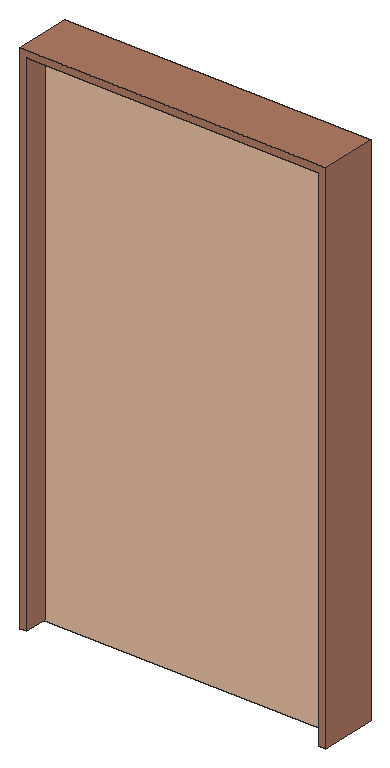
Revit family "RevolvingDoor", category Doors, host Wall, Revit 2021
Family settings
  Host = Wall
  OmniClass Number = 23.30.10.00
  OmniClass Title = Doors
  Always vertical = Yes
  Cut with Voids When Loaded = No
  Shared = No
  Room Calculation Point = No
Parameters (values of type "1310 x 2230mm")
  thick = 25.00 mm
  panel thickness = 50.00 mm
  frame = 30.00 mm
  elevation over level = 20.00 mm
  Width = 1250.00 mm
  Visual Light Transmittance = 0
  Thickness = 51.00 mm
  Thermal Resistance (R) = 0.270117 (m²·K)/W
  Solar Heat Gain Coefficient = 0
  Small width = Width - Large width  # 250.00 mm
  Rough Width = 1310.00 mm
  Rough Height = 2230.00 mm
  Lintel Sitting Distance = 250.00 mm
  Lintel Thickness = 200.00 mm
  Large width = 1000.00 mm
  Door Width [instance] = 1310.00 mm
  Door Height [instance] = 2230.00 mm
  Define Thermal Properties by = Schematic Type
  Construction Type Id = "MDOOR"
  Heat Transfer Coefficient (U) = 3.7021 W/(m²·K)
  Function = Interior
  Door Material = Door - Panel
  Frame Material = Door - Frame
  Height = 2100.00 mm
  Trim Projection Ext = 25.00 mm
  Trim Projection Int = 25.00 mm
  Trim Width = 76.00 mm
  Wall Closure = By host
  Analytic Construction = "Metal"
Types (8, lengths in mm): name | elevation over level | Width | Small width | Rough Width | Lintel Sitting Distance | Lintel Thickness | Large width | Height
  1372 x 2032mm | 20.00 | 1600.00 | 400.00 | 1660.00 | 250.00 | 200.00 | 1200.00 | 2100.00
  1310 x 2230mm | 20.00 | 1250.00 | 250.00 | 1310.00 | 250.00 | 200.00 | 1000.00 | 2100.00
  1220 x 2032mm | 101.563 | 1220.00 | 204.00 | 1310.00 | 306.00 | 220.00 | 1016.00 | 2032.00
  1118 x 2032mm | 101.563 | 1118.00 | 102.00 | 1310.00 | 306.00 | 220.00 | 1016.00 | 2032.00
  1270 x 2134mm | 101.563 | 1270.00 | 254.00 | 1310.00 | 306.00 | 220.00 | 1016.00 | 2134.00
  D2 - 2400 X 1600 mm | 20.00 | 1600.00 | 570.00 | 1310.00 | 306.00 | 220.00 | 1030.00 | 2400.00
  1372 x 2032mm 2 | 20.00 | 1660.00 | 660.00 | 1310.00 | 250.00 | 200.00 | 1000.00 | 2800.00
  D1 - 2100 X 1400 mm | 20.00 | 1400.00 | 370.00 | 1310.00 | 306.00 | 220.00 | 1030.00 | 2100.00
Reference planes
  plane 1: y = 0
  plane 2: z = 0
  plane 3 "Center": x = -254
  plane 4 "Left": x = -1284
  plane 5 "Right": x = 26
  plane 6 "Top": z = 2230
  plane 7: y = 25
  plane 8: y = -25
  plane 9: x = -229
  plane 10: x = -279
  plane 11: x = -4
  plane 12: x = -1254
  plane 13: z = 2200
  plane 14: y = 120
  plane 15: y = -120
Forms (mm)
  Sweep 1, solid, material "Door - Frame"
    path origin (-1524, 120, 0) x (-1, 0, 0) y (0, 0, 1)
      loop
        line (-1550, 0) -> (-1550, 2230) -> (-240, 2230) -> (-240, 0)
    profile origin (-1284, 120, 1115) x (0, 1, 0) y (-1, 0, 0)
      loop
        line (0, 0) -> (-240, 0) -> (-240, -30) -> (0, -30) -> (0, 0)
  Extrusion 2, solid, material "Door - Panel"
    sketch origin (0, 0, -74) x (1, 0, 0) y (0, 1, 0)
      loop
        line (-1254, 25) -> (-1254, -25) -> (-4, -25) -> (-4, 25) -> (-1254, 25)
    from 74 to 2274
Lines and regions (mm)
  Opening 1
    outline origin (-2286, -120, 0) x (1, 0, 0) y (0, 0, 1)
      loop
        line (1002, 0) -> (2312, 0) -> (2312, 2230) -> (1002, 2230) -> (1002, 0)
  symbolic lines, style "DoorsPanelProjection"
    curve 1: line (-279, 250, 0) -> (-279, -1000, 0)
    curve 2: line (-229, -1000, 0) -> (-229, 250, 0)
    curve 3: line (-279, -1000, 0) -> (-229, -1000, 0)
    curve 4: line (-279, 250, 0) -> (-229, 250, 0)
  model lines, style "hid"
    curve 5: arc (-1254, -25, 0) -> (-968.429, -714.429, 0) -> (-279, -1000, 0) r 975
    curve 6: arc (-229, 250, 0) -> (-69.901, 184.099, 0) -> (-4, 25, 0) r 225
Text (mm)
  text "Exterior" at (-1852.85, 748.929, 0), in view "Floor Line"
  text "Interior" at (-1852.85, -701.767, 0), in view "Floor Line"
  text "Exterior" at (0, 1019.848, 3124.603), in view "Right"
  text "Interior" at (0, -1635.541, 3124.603), in view "Right"
  text "Interior" at (0, -762.224, 2974.944), in view "Left"
  text "Exterior" at (0, 1135.773, 2974.944), in view "Left"
Dimensions and locks
  plane 4 "Left" to plane 3 "Center" to plane 5 "Right" = 1030.00 mm, 280.00 mm
  level to plane 2 = 0.00 mm
  "Door Height": level to plane 6 "Top"
  Sweep 1 to Extrusion 2 = 0.00 mm
  plane 6 "Top" to level = 2230.00 mm
  "thick": host wall to plane 7
  "thick": plane 8 to host wall
  "Small width": host wall to curve 4
  "Large width": curve 3 to host wall
  "frame": plane 11 to plane 5 "Right"
  "frame": plane 4 "Left" to plane 12
  "thick": plane 3 "Center" to plane 9
  "thick": plane 10 to plane 3 "Center"
  "Small width": plane 3 "Center" to plane 11
  "Large width": plane 12 to plane 3 "Center"
  "Door Width": plane 4 "Left" to plane 5 "Right"
  "frame": plane 13 to plane 6 "Top"
  plane 12 to plane 11 = 1250.00 mm
  level to plane 13 = 2200.00 mm
  aligned and locked: plane 4 "Left" to Opening 1 sketch curve
  aligned and locked: plane 6 "Top" to Opening 1 sketch curve  (x2)
  aligned and locked: Opening 1 sketch curve to plane 5 "Right"
  aligned and locked: Opening 1 sketch curve to level
  aligned and locked: level to plane 2
  aligned and locked: plane 4 "Left" to Sweep 1
  aligned and locked: Sweep 1 to plane 5 "Right"
  aligned and locked: curve 2 to plane 9
  aligned and locked: curve 1 to plane 10
  aligned and locked: plane 12 to Sweep 1 sketch curve
  aligned and locked: plane 13 to Extrusion 2
  aligned and locked: Extrusion 2 to plane 2
  aligned and locked: curve 5 to Extrusion 2
  aligned and locked: curve 1 to curve 5
  aligned and locked: curve 2 to curve 6
  aligned and locked: curve 6 to Extrusion 2
  aligned and locked: plane 15 to host wall
  aligned and locked: plane 14 to host wall
  aligned and locked: Sweep 1 sketch curve to plane 15
  aligned and locked: Sweep 1 sketch curve to plane 14
Automatic sketch dimensions
  Sweep 1 sketch curve to level = 0.00 mm  (x2)
  plane 5 "Right" to Sweep 1 sketch curve = 0.00 mm
  plane 4 "Left" to Sweep 1 sketch curve = 0.00 mm
  Sweep 1 sketch curve to plane 6 "Top" = 0.00 mm
  Sweep 1 sketch curve to profile plane = 0.00 mm
  Extrusion 2 sketch curve to host wall = 25.00 mm
  Extrusion 2 sketch curve to plane 4 "Left" = 30.00 mm
  plane 5 "Right" to Extrusion 2 sketch curve = 30.00 mm
  host wall to Extrusion 2 sketch curve = 25.00 mm
  curve 5 to plane 12 = 0.00 mm
  curve 6 to plane 11 = 0.00 mm
